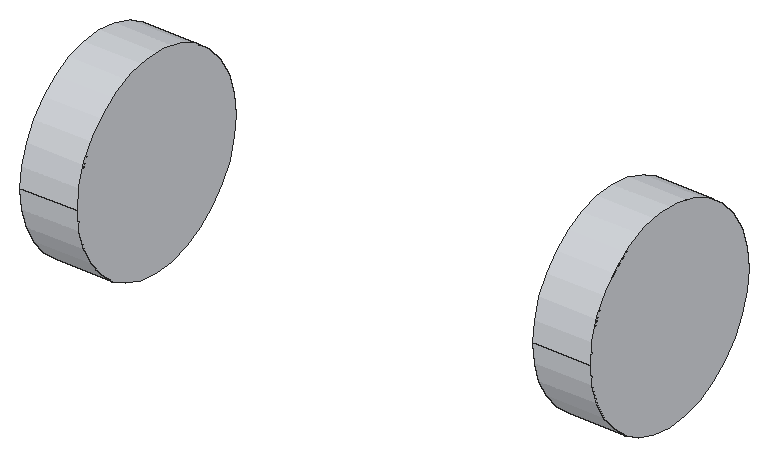
Revit family "SENT200S", category Mechanical Equipment, Revit 2013
Parameters
  Width (including controller) = "453mm"
  Width (excluding controller) = "360mm"
  Weight = "12.5Kg"
  Warranty period = "Unit 2 years,Motor 5 years"
  Spigot Diameter = "200mm"
  Product Description = "Sentinel D-Box Single Fan"
  Part Number = "SENT200S"
  Options = "Weatherproofed and Constant Pressure options"
  Operational and Maintenance Manual = "http://www.vent-axia.com/files/pdf-downloads/432395.pdf"
  Operating Temperature = "(-10C to +40C)"
  Motor Rating = "170 Watts (max)"
  Manufacturer - Website = "www.vent-axia.com"
  Manufacturer - Name = "Vent-Axia Ltd"
  Manufacturer - Email = "sales@vent-axia.com"
  Manufacturer - Contact Phone = "0844 856 0590"
  Manufacturer - Address = "Fleming Way, Crawley, West Sussex RH10 9YX"
  Length (including Spigots) = "531mm"
  Length (excluding Spigots) = "435mm"
  IP Rating  Internal = "IPX2"
  IP Rating  External (WP) = "IPX5"
  Height = "287mm"
  Country of Manufacture = "UK"
  Category = "Sentinel D-Box Single Fan"
  AC Voltage Input = "220-240 V AC (single phase))"
  AC Frequency Input = "50Hz nominal"
Reference planes
  plane 1 "Center (Front/Back)": y = 0
  plane 2: z = 0
  plane 3 "Center (Left/Right)": x = 0
  plane 4: y = 180
  plane 5: y = -180
  plane 6 "2": x = 265
  plane 7 "1": x = -265
Forms (mm)
  Extrusion 1, solid
    sketch origin (-265, 0, 0) x (0, 1, 0) y (0, 0, 1)
      loop
        circle (-59.566, 143.583) r 100
    from 0.17 to 58.042
  Extrusion 2, solid
    sketch origin (265, 0, 0) x (0, 1, 0) y (0, 0, 1)
      loop
        circle (0, 143.174) r 100
    from 0 to -57.872
Connectors
  hvac at (265, 0, 143.174)
    settings: on Extrusion 2, index 1, duct flow 0.0 L/s, flow factor 0, pres drop 0.0 Pa, loss coef 0, conn angle 0.00°, conn width 304.8 mm, conn height 304.8 mm, conn radius 100 mm, duct sys type 2, conn prof type 0, flow config 0, flow direction 1, loss method 0, conn ref index -1, conn util no, is conn primary yes, conn desc ""
  hvac at (-264.83, -59.566, 143.583)
    settings: on Extrusion 1, index 2, duct flow 0.0 L/s, flow factor 0, pres drop 0.0 Pa, loss coef 0, conn angle 0.00°, conn width 304.8 mm, conn height 304.8 mm, conn radius 100 mm, duct sys type 3, conn prof type 0, flow config 0, flow direction 2, loss method 0, conn ref index -1, conn util no, is conn primary no, conn desc ""
